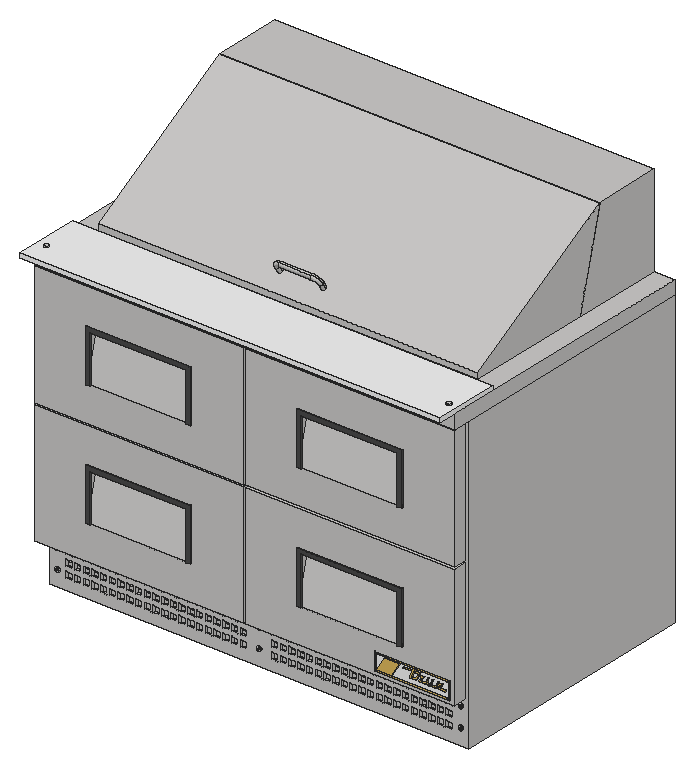
Revit family
Parameters
  Weight in Pounds = 0
  Watts = FL Amps * Volts  # 333.5 W
  Volts = 115 V
  URL Cutsheet = "www.truemfg.com"
  URL = "www.truemfg.com"
  Type Mark [instance] = ""
  Status [instance] = ""
  Specification by User [instance] = ""
  Specification by Manufacturer = ""
  Show Logo [instance] = yes
  Show Clearance [instance] = yes
  Serial Number = ""
  Seismic Rating = ""
  SMACNA No = ""
  Revision Code [instance] = ""
  Phase = 1
  Omniclass Number and Title = ""
  Number of Poles [instance] = 1
  NAFEM Spec ID Number = ""
  Model = "TFP-48-18M-D-4"
  Min Ckt Ampacity = 0 A
  Max Overcurrent Protection = 0 A
  Masterspec = ""
  Manufacturer = "TRUE FOOD SERVICE EQUIPMENT, INC."
  Item Number [instance] = ""
  Installed By [instance] = ""
  Identify Quantity as Lot [instance] = yes
  HP = "1/5"
  Furnished By [instance] = ""
  Foodservice Equipment Identifier [instance] = yes
  FL Amps = 2.9 A
  Electrical Remarks [instance] = ""
  Electric Connection Type [instance] = ""
  Elec Conn RI Height [instance] = 0"
  Elec Conn Connection Height [instance] = 0"
  Description = "Drawered Food Prep Unit"
  Cycle = 60 Hz
  Conn Plug = "5-15P"
  Conn Conduit = yes
  CSI MasterFormat = ""
  CSI Master Format = ""
  Apparent Power = if(Phase = 3, Volts * FL Amps * 1.73, Volts * FL Amps)  # 333.5 VA
Reference planes (in)
  plane 1 "BACK": y = -16.5
  plane 2: z = 0
  plane 3 "LEFT": x = 0
  plane 4 "RIGHT": x = 48.125
  plane 5 "FRONT": y = -50.03125
  plane 6 "TOP": z = 46.5
Forms (in)
  Extrusion 1, solid, material "QF_Finishes_Stainless Steel"
    sketch origin (8, -16, 0) x (1, 0, 0) y (0, 0, 1)
      loop
        line (-8, 0.75) -> (40.125, 0.75) -> (40.125, 6.05001) -> (-8, 6.05001) -> (-8, 0.75)
      loop
        line (-6.10691, 5.23339) -> (-6.10691, 4.48339) -> (-5.35691, 4.48339) -> (-5.35691, 5.23339) -> (-6.10691, 5.23339)
      loop
        line (-4.10691, 5.23339) -> (-4.10691, 4.48339) -> (-3.35691, 4.48339) -> (-3.35691, 5.23339) -> (-4.10691, 5.23339)
      loop
        line (-2.10691, 5.23339) -> (-2.10691, 4.48339) -> (-1.35691, 4.48339) -> (-1.35691, 5.23339) -> (-2.10691, 5.23339)
      loop
        line (-0.10691, 5.23339) -> (-0.10691, 4.48339) -> (0.64309, 4.48339) -> (0.64309, 5.23339) -> (-0.10691, 5.23339)
      loop
        line (1.89309, 5.23339) -> (1.89309, 4.48339) -> (2.64309, 4.48339) -> (2.64309, 5.23339) -> (1.89309, 5.23339)
      loop
        line (3.89309, 5.23339) -> (3.89309, 4.48339) -> (4.64309, 4.48339) -> (4.64309, 5.23339) -> (3.89309, 5.23339)
      loop
        line (5.89309, 5.23339) -> (5.89309, 4.48339) -> (6.64309, 4.48339) -> (6.64309, 5.23339) -> (5.89309, 5.23339)
      loop
        line (-6.10691, 3.98339) -> (-6.10691, 3.23339) -> (-5.35691, 3.23339) -> (-5.35691, 3.98339) -> (-6.10691, 3.98339)
      loop
        line (-4.10691, 3.98339) -> (-4.10691, 3.23339) -> (-3.35691, 3.23339) -> (-3.35691, 3.98339) -> (-4.10691, 3.98339)
      loop
        line (-2.10691, 3.98339) -> (-2.10691, 3.23339) -> (-1.35691, 3.23339) -> (-1.35691, 3.98339) -> (-2.10691, 3.98339)
      loop
        line (-0.10691, 3.98339) -> (-0.10691, 3.23339) -> (0.64309, 3.23339) -> (0.64309, 3.98339) -> (-0.10691, 3.98339)
      loop
        line (1.89309, 3.98339) -> (1.89309, 3.23339) -> (2.64309, 3.23339) -> (2.64309, 3.98339) -> (1.89309, 3.98339)
      loop
        line (3.89309, 3.98339) -> (3.89309, 3.23339) -> (4.64309, 3.23339) -> (4.64309, 3.98339) -> (3.89309, 3.98339)
      loop
        line (5.89309, 3.98339) -> (5.89309, 3.23339) -> (6.64309, 3.23339) -> (6.64309, 3.98339) -> (5.89309, 3.98339)
      loop
        line (-6.10691, 2.73339) -> (-6.10691, 1.98339) -> (-5.35691, 1.98339) -> (-5.35691, 2.73339) -> (-6.10691, 2.73339)
      loop
        line (-4.10691, 2.73339) -> (-4.10691, 1.98339) -> (-3.35691, 1.98339) -> (-3.35691, 2.73339) -> (-4.10691, 2.73339)
      loop
        line (-2.10691, 2.73339) -> (-2.10691, 1.98339) -> (-1.35691, 1.98339) -> (-1.35691, 2.73339) -> (-2.10691, 2.73339)
      loop
        line (-0.10691, 2.73339) -> (-0.10691, 1.98339) -> (0.64309, 1.98339) -> (0.64309, 2.73339) -> (-0.10691, 2.73339)
      loop
        line (1.89309, 2.73339) -> (1.89309, 1.98339) -> (2.64309, 1.98339) -> (2.64309, 2.73339) -> (1.89309, 2.73339)
      loop
        line (3.89309, 2.73339) -> (3.89309, 1.98339) -> (4.64309, 1.98339) -> (4.64309, 2.73339) -> (3.89309, 2.73339)
      loop
        line (5.89309, 2.73339) -> (5.89309, 1.98339) -> (6.64309, 1.98339) -> (6.64309, 2.73339) -> (5.89309, 2.73339)
      loop
        line (-5.10691, 5.23339) -> (-5.10691, 4.48339) -> (-4.35691, 4.48339) -> (-4.35691, 5.23339) -> (-5.10691, 5.23339)
      loop
        line (-5.10691, 3.98339) -> (-5.10691, 3.23339) -> (-4.35691, 3.23339) -> (-4.35691, 3.98339) -> (-5.10691, 3.98339)
      loop
        line (-5.10691, 2.73339) -> (-5.10691, 1.98339) -> (-4.35691, 1.98339) -> (-4.35691, 2.73339) -> (-5.10691, 2.73339)
      loop
        line (-3.10691, 5.23339) -> (-3.10691, 4.48339) -> (-2.35691, 4.48339) -> (-2.35691, 5.23339) -> (-3.10691, 5.23339)
      loop
        line (-3.10691, 3.98339) -> (-3.10691, 3.23339) -> (-2.35691, 3.23339) -> (-2.35691, 3.98339) -> (-3.10691, 3.98339)
      loop
        line (-3.10691, 2.73339) -> (-3.10691, 1.98339) -> (-2.35691, 1.98339) -> (-2.35691, 2.73339) -> (-3.10691, 2.73339)
      loop
        line (-1.10691, 5.23339) -> (-1.10691, 4.48339) -> (-0.35691, 4.48339) -> (-0.35691, 5.23339) -> (-1.10691, 5.23339)
      loop
        line (-1.10691, 3.98339) -> (-1.10691, 3.23339) -> (-0.35691, 3.23339) -> (-0.35691, 3.98339) -> (-1.10691, 3.98339)
      loop
        line (-1.10691, 2.73339) -> (-1.10691, 1.98339) -> (-0.35691, 1.98339) -> (-0.35691, 2.73339) -> (-1.10691, 2.73339)
      loop
        line (0.89309, 5.23339) -> (0.89309, 4.48339) -> (1.64309, 4.48339) -> (1.64309, 5.23339) -> (0.89309, 5.23339)
      loop
        line (0.89309, 3.98339) -> (0.89309, 3.23339) -> (1.64309, 3.23339) -> (1.64309, 3.98339) -> (0.89309, 3.98339)
      loop
        line (0.89309, 2.73339) -> (0.89309, 1.98339) -> (1.64309, 1.98339) -> (1.64309, 2.73339) -> (0.89309, 2.73339)
      loop
        line (2.89309, 5.23339) -> (2.89309, 4.48339) -> (3.64309, 4.48339) -> (3.64309, 5.23339) -> (2.89309, 5.23339)
      loop
        line (2.89309, 3.98339) -> (2.89309, 3.23339) -> (3.64309, 3.23339) -> (3.64309, 3.98339) -> (2.89309, 3.98339)
      loop
        line (2.89309, 2.73339) -> (2.89309, 1.98339) -> (3.64309, 1.98339) -> (3.64309, 2.73339) -> (2.89309, 2.73339)
      loop
        line (4.89309, 5.23339) -> (4.89309, 4.48339) -> (5.64309, 4.48339) -> (5.64309, 5.23339) -> (4.89309, 5.23339)
      loop
        line (4.89309, 3.98339) -> (4.89309, 3.23339) -> (5.64309, 3.23339) -> (5.64309, 3.98339) -> (4.89309, 3.98339)
      loop
        line (4.89309, 2.73339) -> (4.89309, 1.98339) -> (5.64309, 1.98339) -> (5.64309, 2.73339) -> (4.89309, 2.73339)
      loop
        line (7.89309, 5.23339) -> (7.89309, 4.48339) -> (8.64309, 4.48339) -> (8.64309, 5.23339) -> (7.89309, 5.23339)
      loop
        line (9.89309, 5.23339) -> (9.89309, 4.48339) -> (10.64309, 4.48339) -> (10.64309, 5.23339) -> (9.89309, 5.23339)
      loop
        line (11.89309, 5.23339) -> (11.89309, 4.48339) -> (12.64309, 4.48339) -> (12.64309, 5.23339) -> (11.89309, 5.23339)
      loop
        line (7.89309, 3.98339) -> (7.89309, 3.23339) -> (8.64309, 3.23339) -> (8.64309, 3.98339) -> (7.89309, 3.98339)
      loop
        line (9.89309, 3.98339) -> (9.89309, 3.23339) -> (10.64309, 3.23339) -> (10.64309, 3.98339) -> (9.89309, 3.98339)
      loop
        line (11.89309, 3.98339) -> (11.89309, 3.23339) -> (12.64309, 3.23339) -> (12.64309, 3.98339) -> (11.89309, 3.98339)
      loop
        line (7.89309, 2.73339) -> (7.89309, 1.98339) -> (8.64309, 1.98339) -> (8.64309, 2.73339) -> (7.89309, 2.73339)
      loop
        line (9.89309, 2.73339) -> (9.89309, 1.98339) -> (10.64309, 1.98339) -> (10.64309, 2.73339) -> (9.89309, 2.73339)
      loop
        line (11.89309, 2.73339) -> (11.89309, 1.98339) -> (12.64309, 1.98339) -> (12.64309, 2.73339) -> (11.89309, 2.73339)
      loop
        line (6.89309, 5.23339) -> (6.89309, 4.48339) -> (7.64309, 4.48339) -> (7.64309, 5.23339) -> (6.89309, 5.23339)
      loop
        line (6.89309, 3.98339) -> (6.89309, 3.23339) -> (7.64309, 3.23339) -> (7.64309, 3.98339) -> (6.89309, 3.98339)
      loop
        line (6.89309, 2.73339) -> (6.89309, 1.98339) -> (7.64309, 1.98339) -> (7.64309, 2.73339) -> (6.89309, 2.73339)
      loop
        line (8.89309, 5.23339) -> (8.89309, 4.48339) -> (9.64309, 4.48339) -> (9.64309, 5.23339) -> (8.89309, 5.23339)
      loop
        line (8.89309, 3.98339) -> (8.89309, 3.23339) -> (9.64309, 3.23339) -> (9.64309, 3.98339) -> (8.89309, 3.98339)
      loop
        line (8.89309, 2.73339) -> (8.89309, 1.98339) -> (9.64309, 1.98339) -> (9.64309, 2.73339) -> (8.89309, 2.73339)
      loop
        line (10.89309, 5.23339) -> (10.89309, 4.48339) -> (11.64309, 4.48339) -> (11.64309, 5.23339) -> (10.89309, 5.23339)
      loop
        line (10.89309, 3.98339) -> (10.89309, 3.23339) -> (11.64309, 3.23339) -> (11.64309, 3.98339) -> (10.89309, 3.98339)
      loop
        line (10.89309, 2.73339) -> (10.89309, 1.98339) -> (11.64309, 1.98339) -> (11.64309, 2.73339) -> (10.89309, 2.73339)
      loop
        line (13.89309, 5.23339) -> (13.89309, 4.48339) -> (14.64309, 4.48339) -> (14.64309, 5.23339) -> (13.89309, 5.23339)
      loop
        line (13.89309, 3.98339) -> (13.89309, 3.23339) -> (14.64309, 3.23339) -> (14.64309, 3.98339) -> (13.89309, 3.98339)
      loop
        line (13.89309, 2.73339) -> (13.89309, 1.98339) -> (14.64309, 1.98339) -> (14.64309, 2.73339) -> (13.89309, 2.73339)
      loop
        line (12.89309, 5.23339) -> (12.89309, 4.48339) -> (13.64309, 4.48339) -> (13.64309, 5.23339) -> (12.89309, 5.23339)
      loop
        line (12.89309, 3.98339) -> (12.89309, 3.23339) -> (13.64309, 3.23339) -> (13.64309, 3.98339) -> (12.89309, 3.98339)
      loop
        line (12.89309, 2.73339) -> (12.89309, 1.98339) -> (13.64309, 1.98339) -> (13.64309, 2.73339) -> (12.89309, 2.73339)
      loop
        line (38.23191, 5.23339) -> (37.48191, 5.23339) -> (37.48191, 4.48339) -> (38.23191, 4.48339) -> (38.23191, 5.23339)
      loop
        line (36.23191, 5.23339) -> (35.48191, 5.23339) -> (35.48191, 4.48339) -> (36.23191, 4.48339) -> (36.23191, 5.23339)
      loop
        line (34.23191, 5.23339) -> (33.48191, 5.23339) -> (33.48191, 4.48339) -> (34.23191, 4.48339) -> (34.23191, 5.23339)
      loop
        line (32.23191, 5.23339) -> (31.48191, 5.23339) -> (31.48191, 4.48339) -> (32.23191, 4.48339) -> (32.23191, 5.23339)
      loop
        line (30.23191, 5.23339) -> (29.48191, 5.23339) -> (29.48191, 4.48339) -> (30.23191, 4.48339) -> (30.23191, 5.23339)
      loop
        line (28.23191, 5.23339) -> (27.48191, 5.23339) -> (27.48191, 4.48339) -> (28.23191, 4.48339) -> (28.23191, 5.23339)
      loop
        line (26.23191, 5.23339) -> (25.48191, 5.23339) -> (25.48191, 4.48339) -> (26.23191, 4.48339) -> (26.23191, 5.23339)
      loop
        line (38.23191, 3.98339) -> (37.48191, 3.98339) -> (37.48191, 3.23339) -> (38.23191, 3.23339) -> (38.23191, 3.98339)
      loop
        line (36.23191, 3.98339) -> (35.48191, 3.98339) -> (35.48191, 3.23339) -> (36.23191, 3.23339) -> (36.23191, 3.98339)
      loop
        line (34.23191, 3.98339) -> (33.48191, 3.98339) -> (33.48191, 3.23339) -> (34.23191, 3.23339) -> (34.23191, 3.98339)
      loop
        line (32.23191, 3.98339) -> (31.48191, 3.98339) -> (31.48191, 3.23339) -> (32.23191, 3.23339) -> (32.23191, 3.98339)
      loop
        line (30.23191, 3.98339) -> (29.48191, 3.98339) -> (29.48191, 3.23339) -> (30.23191, 3.23339) -> (30.23191, 3.98339)
      loop
        line (28.23191, 3.98339) -> (27.48191, 3.98339) -> (27.48191, 3.23339) -> (28.23191, 3.23339) -> (28.23191, 3.98339)
      loop
        line (26.23191, 3.98339) -> (25.48191, 3.98339) -> (25.48191, 3.23339) -> (26.23191, 3.23339) -> (26.23191, 3.98339)
      loop
        line (38.23191, 2.73339) -> (37.48191, 2.73339) -> (37.48191, 1.98339) -> (38.23191, 1.98339) -> (38.23191, 2.73339)
      loop
        line (36.23191, 2.73339) -> (35.48191, 2.73339) -> (35.48191, 1.98339) -> (36.23191, 1.98339) -> (36.23191, 2.73339)
      loop
        line (34.23191, 2.73339) -> (33.48191, 2.73339) -> (33.48191, 1.98339) -> (34.23191, 1.98339) -> (34.23191, 2.73339)
      loop
        line (32.23191, 2.73339) -> (31.48191, 2.73339) -> (31.48191, 1.98339) -> (32.23191, 1.98339) -> (32.23191, 2.73339)
      loop
        line (30.23191, 2.73339) -> (29.48191, 2.73339) -> (29.48191, 1.98339) -> (30.23191, 1.98339) -> (30.23191, 2.73339)
      loop
        line (28.23191, 2.73339) -> (27.48191, 2.73339) -> (27.48191, 1.98339) -> (28.23191, 1.98339) -> (28.23191, 2.73339)
      loop
        line (26.23191, 2.73339) -> (25.48191, 2.73339) -> (25.48191, 1.98339) -> (26.23191, 1.98339) -> (26.23191, 2.73339)
      loop
        line (37.23191, 5.23339) -> (36.48191, 5.23339) -> (36.48191, 4.48339) -> (37.23191, 4.48339) -> (37.23191, 5.23339)
      loop
        line (37.23191, 3.98339) -> (36.48191, 3.98339) -> (36.48191, 3.23339) -> (37.23191, 3.23339) -> (37.23191, 3.98339)
      loop
        line (37.23191, 2.73339) -> (36.48191, 2.73339) -> (36.48191, 1.98339) -> (37.23191, 1.98339) -> (37.23191, 2.73339)
      loop
        line (35.23191, 5.23339) -> (34.48191, 5.23339) -> (34.48191, 4.48339) -> (35.23191, 4.48339) -> (35.23191, 5.23339)
      loop
        line (35.23191, 3.98339) -> (34.48191, 3.98339) -> (34.48191, 3.23339) -> (35.23191, 3.23339) -> (35.23191, 3.98339)
      loop
        line (35.23191, 2.73339) -> (34.48191, 2.73339) -> (34.48191, 1.98339) -> (35.23191, 1.98339) -> (35.23191, 2.73339)
      loop
        line (33.23191, 5.23339) -> (32.48191, 5.23339) -> (32.48191, 4.48339) -> (33.23191, 4.48339) -> (33.23191, 5.23339)
      loop
        line (33.23191, 3.98339) -> (32.48191, 3.98339) -> (32.48191, 3.23339) -> (33.23191, 3.23339) -> (33.23191, 3.98339)
      loop
        line (33.23191, 2.73339) -> (32.48191, 2.73339) -> (32.48191, 1.98339) -> (33.23191, 1.98339) -> (33.23191, 2.73339)
      loop
        line (31.23191, 5.23339) -> (30.48191, 5.23339) -> (30.48191, 4.48339) -> (31.23191, 4.48339) -> (31.23191, 5.23339)
      loop
        line (31.23191, 3.98339) -> (30.48191, 3.98339) -> (30.48191, 3.23339) -> (31.23191, 3.23339) -> (31.23191, 3.98339)
      loop
        line (31.23191, 2.73339) -> (30.48191, 2.73339) -> (30.48191, 1.98339) -> (31.23191, 1.98339) -> (31.23191, 2.73339)
      loop
        line (29.23191, 5.23339) -> (28.48191, 5.23339) -> (28.48191, 4.48339) -> (29.23191, 4.48339) -> (29.23191, 5.23339)
      loop
        line (29.23191, 3.98339) -> (28.48191, 3.98339) -> (28.48191, 3.23339) -> (29.23191, 3.23339) -> (29.23191, 3.98339)
      loop
        line (29.23191, 2.73339) -> (28.48191, 2.73339) -> (28.48191, 1.98339) -> (29.23191, 1.98339) -> (29.23191, 2.73339)
      loop
        line (27.23191, 5.23339) -> (26.48191, 5.23339) -> (26.48191, 4.48339) -> (27.23191, 4.48339) -> (27.23191, 5.23339)
      loop
        line (27.23191, 3.98339) -> (26.48191, 3.98339) -> (26.48191, 3.23339) -> (27.23191, 3.23339) -> (27.23191, 3.98339)
      loop
        line (27.23191, 2.73339) -> (26.48191, 2.73339) -> (26.48191, 1.98339) -> (27.23191, 1.98339) -> (27.23191, 2.73339)
      loop
        line (24.23191, 5.23339) -> (23.48191, 5.23339) -> (23.48191, 4.48339) -> (24.23191, 4.48339) -> (24.23191, 5.23339)
      loop
        line (22.23191, 5.23339) -> (21.48191, 5.23339) -> (21.48191, 4.48339) -> (22.23191, 4.48339) -> (22.23191, 5.23339)
      loop
        line (20.23191, 5.23339) -> (19.48191, 5.23339) -> (19.48191, 4.48339) -> (20.23191, 4.48339) -> (20.23191, 5.23339)
      loop
        line (24.23191, 3.98339) -> (23.48191, 3.98339) -> (23.48191, 3.23339) -> (24.23191, 3.23339) -> (24.23191, 3.98339)
      loop
        line (22.23191, 3.98339) -> (21.48191, 3.98339) -> (21.48191, 3.23339) -> (22.23191, 3.23339) -> (22.23191, 3.98339)
      loop
        line (20.23191, 3.98339) -> (19.48191, 3.98339) -> (19.48191, 3.23339) -> (20.23191, 3.23339) -> (20.23191, 3.98339)
      loop
        line (24.23191, 2.73339) -> (23.48191, 2.73339) -> (23.48191, 1.98339) -> (24.23191, 1.98339) -> (24.23191, 2.73339)
      loop
        line (22.23191, 2.73339) -> (21.48191, 2.73339) -> (21.48191, 1.98339) -> (22.23191, 1.98339) -> (22.23191, 2.73339)
      loop
        line (20.23191, 2.73339) -> (19.48191, 2.73339) -> (19.48191, 1.98339) -> (20.23191, 1.98339) -> (20.23191, 2.73339)
      loop
        line (25.23191, 5.23339) -> (24.48191, 5.23339) -> (24.48191, 4.48339) -> (25.23191, 4.48339) -> (25.23191, 5.23339)
      loop
        line (25.23191, 3.98339) -> (24.48191, 3.98339) -> (24.48191, 3.23339) -> (25.23191, 3.23339) -> (25.23191, 3.98339)
      loop
        line (25.23191, 2.73339) -> (24.48191, 2.73339) -> (24.48191, 1.98339) -> (25.23191, 1.98339) -> (25.23191, 2.73339)
      loop
        line (23.23191, 5.23339) -> (22.48191, 5.23339) -> (22.48191, 4.48339) -> (23.23191, 4.48339) -> (23.23191, 5.23339)
      loop
        line (23.23191, 3.98339) -> (22.48191, 3.98339) -> (22.48191, 3.23339) -> (23.23191, 3.23339) -> (23.23191, 3.98339)
      loop
        line (23.23191, 2.73339) -> (22.48191, 2.73339) -> (22.48191, 1.98339) -> (23.23191, 1.98339) -> (23.23191, 2.73339)
      loop
        line (21.23191, 5.23339) -> (20.48191, 5.23339) -> (20.48191, 4.48339) -> (21.23191, 4.48339) -> (21.23191, 5.23339)
      loop
        line (21.23191, 3.98339) -> (20.48191, 3.98339) -> (20.48191, 3.23339) -> (21.23191, 3.23339) -> (21.23191, 3.98339)
      loop
        line (21.23191, 2.73339) -> (20.48191, 2.73339) -> (20.48191, 1.98339) -> (21.23191, 1.98339) -> (21.23191, 2.73339)
      loop
        line (18.23191, 5.23339) -> (17.48191, 5.23339) -> (17.48191, 4.48339) -> (18.23191, 4.48339) -> (18.23191, 5.23339)
      loop
        line (18.23191, 3.98339) -> (17.48191, 3.98339) -> (17.48191, 3.23339) -> (18.23191, 3.23339) -> (18.23191, 3.98339)
      loop
        line (18.23191, 2.73339) -> (17.48191, 2.73339) -> (17.48191, 1.98339) -> (18.23191, 1.98339) -> (18.23191, 2.73339)
      loop
        line (19.23191, 5.23339) -> (18.48191, 5.23339) -> (18.48191, 4.48339) -> (19.23191, 4.48339) -> (19.23191, 5.23339)
      loop
        line (19.23191, 3.98339) -> (18.48191, 3.98339) -> (18.48191, 3.23339) -> (19.23191, 3.23339) -> (19.23191, 3.98339)
      loop
        line (19.23191, 2.73339) -> (18.48191, 2.73339) -> (18.48191, 1.98339) -> (19.23191, 1.98339) -> (19.23191, 2.73339)
    from 29.62 to 29.87
  Extrusion 2, solid, material "QF_Finishes_Stainless Steel"
    sketch origin (0.125, 0, 0) x (0, 1, 0) y (0, 0, 1)
      loop
        line (-16.5, 36) -> (-16.5, 46.5) -> (-24.34375, 46.5) -> (-27.1875, 36) -> (-16.5, 36)
    from 2.1875 to 45.6875
  Extrusion 3, solid, material "QF_Finishes_Stainless Steel"
    sketch origin (0, 0, 0) x (0, 1, 0) y (0, 0, 1)
      loop
        line (-27.1875, 36) -> (-24.34375, 46.5) -> (-41.71875, 36.68893) -> (-41.71875, 36) -> (-27.1875, 36)
    from 2.3125 to 45.8125
  Extrusion 4, solid, material "QF_Finishes_Stainless Steel"
    sketch origin (0, 0, 0) x (0, 1, 0) y (0, 0, 1)
      loop
        line (-48, 36) -> (-48, 34.40823) -> (-16.5, 34.40823) -> (-16.5, 36) -> (-48, 36)
    from 0 to 48.125
  Extrusion 5, solid, material "QF_Finishes_Stainless Steel"
    sketch origin (0, 0, 0) x (0, 1, 0) y (0, 0, 1)
      loop
        line (-45.87, 34.40823) -> (-45.87, 6.04042) -> (-16.96875, 6.04042) -> (-16.96875, 3.25) -> (-45.12, 3.25) -> (-45.12, 1) -> (-45.62, 1) -> (-45.62, 0.75) -> (-44.87, 0.75) -> (-44.87, 3) -> (-16.96875, 3) -> (-16.96875, 0.75) -> (-16.5, 0.75) -> (-16.5, 34.40823) -> (-45.87, 34.40823)
    from 0 to 48.125
  Extrusion 6, solid, material "QF_Finishes_Stainless Steel"
    sketch origin (0, -16.5, 0) x (1, 0, 0) y (0, 0, 1)
      loop
        line (0, 0.75) -> (0.53645, 0.75) -> (0.53645, 6.04042) -> (0, 6.04042) -> (0, 0.75)
      loop
        line (48.125, 0.75) -> (48.125, 6.04042) -> (47.58855, 6.04042) -> (47.58855, 0.75) -> (48.125, 0.75)
    from 0 to 29.12
  Extrusion 7, solid, material "QF_Finishes_Stainless Steel"
    sketch origin (0, -15, 0) x (1, 0, 0) y (0, 0, 1)
      loop
        line (0, 6.04042) -> (23.9375, 6.04042) -> (23.9375, 20.03323) -> (0, 20.03323) -> (0, 6.04042)
      loop
        line (23.9375, 34.28323) -> (0, 34.28323) -> (0, 20.28323) -> (23.9375, 20.28323) -> (23.9375, 34.28323)
      loop
        line (5.96875, 24.28323) -> (17.96875, 24.28323) -> (17.96875, 30.28323) -> (5.96875, 30.28323) -> (5.96875, 24.28323)
      loop
        line (5.96875, 10.04042) -> (17.96875, 10.04042) -> (17.96875, 16.04042) -> (5.96875, 16.04042) -> (5.96875, 10.04042)
      loop
        line (48.125, 6.04042) -> (48.125, 20.03323) -> (24.1875, 20.03323) -> (24.1875, 6.04042) -> (48.125, 6.04042)
      loop
        line (24.1875, 34.28323) -> (24.1875, 20.28323) -> (48.125, 20.28323) -> (48.125, 34.28323) -> (24.1875, 34.28323)
      loop
        line (42.15625, 24.28323) -> (42.15625, 30.28323) -> (30.15625, 30.28323) -> (30.15625, 24.28323) -> (42.15625, 24.28323)
      loop
        line (42.15625, 10.04042) -> (42.15625, 16.04042) -> (30.15625, 16.04042) -> (30.15625, 10.04042) -> (42.15625, 10.04042)
    from 31.44201 to 33
  Extrusion 8, solid, material "QF_Finishes_Black"
    sketch origin (0, 1.5, 0) x (0, 1, 0) y (0, 0, 1)
      loop
        line (-47.94201, 33.8406) -> (-47.94201, 20.62458) -> (-47.37, 20.62458) -> (-47.37, 33.8406) -> (-47.94201, 33.8406)
      loop
        line (-47.94201, 19.61128) -> (-47.94201, 6.82675) -> (-47.37, 6.82675) -> (-47.37, 19.61128) -> (-47.94201, 19.61128)
    from 0.53645 to 23.40105
  Extrusion 9, solid, material "QF_Finishes_Stainless Steel"
    sketch origin (-3.46875, 1.5, 0) x (0, 1, 0) y (0, 0, 1)
      loop
        line (-47.94201, 16.04042) -> (-49.5, 10.04042) -> (-47.94201, 10.04042) -> (-47.94201, 16.04042)
      loop
        line (-47.94201, 30.28323) -> (-49.5, 24.28323) -> (-47.94201, 24.28323) -> (-47.94201, 30.28323)
    from 9.4375 to 21.4375
  Extrusion 10, solid, material "QF_Finishes_Black"
    sketch origin (-3.46875, -48, 0) x (1, 0, 0) y (0, 0, 1)
      loop
        line (21.4375, 16.04042) -> (9.4375, 16.04042) -> (9.4375, 10.04042) -> (9.9375, 10.04042) -> (9.9375, 15.54042) -> (20.9375, 15.54042) -> (20.9375, 10.04042) -> (21.4375, 10.04042) -> (21.4375, 16.04042)
      loop
        line (21.4375, 30.28323) -> (9.4375, 30.28323) -> (9.4375, 24.28323) -> (9.9375, 24.28323) -> (9.9375, 29.78323) -> (20.9375, 29.78323) -> (20.9375, 24.28323) -> (21.4375, 24.28323) -> (21.4375, 30.28323)
      loop
        line (33.625, 16.04042) -> (33.625, 10.04042) -> (34.125, 10.04042) -> (34.125, 15.54042) -> (45.125, 15.54042) -> (45.125, 10.04042) -> (45.625, 10.04042) -> (45.625, 16.04042) -> (33.625, 16.04042)
      loop
        line (33.625, 30.28323) -> (33.625, 24.28323) -> (34.125, 24.28323) -> (34.125, 29.78323) -> (45.125, 29.78323) -> (45.125, 24.28323) -> (45.625, 24.28323) -> (45.625, 30.28323) -> (33.625, 30.28323)
    from 0 to 0.125
  Extrusion 11, solid, material "QF_Finishes_White"
    sketch origin (0, 0, 0) x (0, 1, 0) y (0, 0, 1)
      loop
        line (-50.03125, 36.5) -> (-50.03125, 36) -> (-42.53125, 36) -> (-42.53125, 36.5) -> (-50.03125, 36.5)
    from 0 to 48.125
  Sweep 12, solid, material "QF_Finishes_Stainless Steel"
    path origin (7.87857, -19.52146, 7.92906) x (1, 0, 0) y (0, -0.560766, 0.827974)
      loop
        line (18.42574, 36.0969) -> (18.42574, 36.8469)
        arc (18.42574, 36.8469) -> (18.29892, 37.15309) -> (17.99273, 37.27992) r 0.43301
        line (17.99273, 37.27992) -> (14.37051, 37.27992)
        arc (14.37051, 37.27992) -> (14.06433, 37.15309) -> (13.9375, 36.8469) r 0.43301
        line (13.9375, 36.8469) -> (13.9375, 36.0969)
    profile origin (21.81607, -39.97367, 38.12686) x (1, 0, 0) y (0, -0.827974, -0.560766)
      loop
        circle (-0.25, 0) r 0.25
  Extrusion 13, solid, material "QF_Finishes_Handrails and Railings"
    sketch origin (0.3125, -45.87, 0) x (1, 0, 0) y (0, 0, 1)
      loop
        circle (0.625, 4.80001) r 0.25
      loop
        circle (0.625, 2.55001) r 0.25
      loop
        line (0.60938, 4.93254) -> (0.60938, 4.81564) -> (0.49788, 4.81564) -> (0.49788, 4.78439) -> (0.60938, 4.78439) -> (0.60937, 4.66749) -> (0.64062, 4.66749) -> (0.64063, 4.78439) -> (0.75212, 4.78439) -> (0.75212, 4.81564) -> (0.64063, 4.81564) -> (0.64063, 4.93254) -> (0.60938, 4.93254)
      loop
        line (0.60937, 2.68254) -> (0.60937, 2.56564) -> (0.49788, 2.56564) -> (0.49788, 2.53439) -> (0.60937, 2.53439) -> (0.60937, 2.41749) -> (0.64062, 2.41749) -> (0.64062, 2.53439) -> (0.75212, 2.53439) -> (0.75212, 2.56564) -> (0.64062, 2.56564) -> (0.64062, 2.68254) -> (0.60937, 2.68254)
    from 0 to 0.0625
  Extrusion 14, solid, material "QF_Finishes_Satin - Goldenrod", visible <- "Show Logo"
    sketch origin (38.1543, -13.23203, -22.99575) x (1, 0, 0) y (0, 0, 1)
      loop
        line (4.18351, 31.09206) -> (4.10478, 30.92323) -> (5.15208, 30.92323)
        arc (5.15208, 30.92323) -> (5.17333, 30.88564) -> (5.15208, 30.84805) r 0.04386
        line (5.15208, 30.84805) -> (4.87892, 30.26228)
        arc (4.87892, 30.26228) -> (4.87656, 30.20802) -> (4.91325, 30.16798) r 0.07096
        line (4.91325, 30.16798) -> (5.5829, 30.16798)
        arc (5.5829, 30.16798) -> (5.66746, 30.19464) -> (5.72144, 30.26498) r 0.14742
        line (5.72144, 30.26498) -> (5.9364, 30.72597) -> (6.1339, 30.72597)
        arc (6.1339, 30.72597) -> (6.18572, 30.70692) -> (6.17822, 30.65222) r 0.04405
        line (6.17822, 30.65222) -> (5.99835, 30.26649)
        arc (5.99835, 30.26649) -> (6.00115, 30.20243) -> (6.05523, 30.16798) r 0.06943
        line (6.05523, 30.16798) -> (6.64365, 30.16798)
        arc (6.64365, 30.16798) -> (6.68873, 30.18439) -> (6.71272, 30.22594) r 0.07014
        arc (6.71272, 30.22594) -> (6.7297, 30.18495) -> (6.77068, 30.16798) r 0.05796
        line (6.77068, 30.16798) -> (7.14325, 30.16798)
        arc (7.14325, 30.16798) -> (7.18629, 30.17951) -> (7.2178, 30.21102) r 0.08608
        arc (7.2178, 30.21102) -> (7.23289, 30.1746) -> (7.26931, 30.15952) r 0.0515
        line (7.26931, 30.15952) -> (7.79882, 30.15952)
        arc (7.79882, 30.15952) -> (7.84211, 30.17745) -> (7.86005, 30.22074) r 0.06122
        arc (7.86005, 30.22074) -> (7.89973, 30.18105) -> (7.95394, 30.16653) r 0.10842
        line (7.95394, 30.16653) -> (8.94586, 30.16653) -> (9.05604, 30.35737) -> (8.05555, 30.35737)
        arc (8.05555, 30.35737) -> (8.02794, 30.37652) -> (8.02691, 30.41011) r 0.03732
        line (8.02691, 30.41011) -> (8.04422, 30.44722)
        arc (8.04422, 30.44722) -> (8.07079, 30.48203) -> (8.11255, 30.49524) r 0.07263
        line (8.11255, 30.49524) -> (8.43414, 30.49524)
        arc (8.43414, 30.49524) -> (8.50355, 30.51383) -> (8.55436, 30.56465) r 0.13882
        line (8.55436, 30.56465) -> (8.6475, 30.72597)
        arc (8.6475, 30.72597) -> (8.6475, 30.81208) -> (8.57293, 30.85513) r 0.08611
        line (8.57293, 30.85513) -> (8.23352, 30.85513)
        arc (8.23352, 30.85513) -> (8.14699, 30.84044) -> (8.08663, 30.77673) r 0.13863
        line (8.08663, 30.77673) -> (7.92534, 30.43083)
        arc (7.92534, 30.43083) -> (7.87774, 30.3688) -> (7.80316, 30.34528) r 0.13002
        line (7.80316, 30.34528) -> (7.45109, 30.34528)
        arc (7.45109, 30.34528) -> (7.40895, 30.39128) -> (7.41167, 30.4536) r 0.08151
        line (7.41167, 30.4536) -> (7.59891, 30.85513) -> (7.47974, 30.85513) -> (7.28137, 30.42972)
        arc (7.28137, 30.42972) -> (7.24283, 30.37949) -> (7.18244, 30.36046) r 0.10527
        line (7.18244, 30.36046) -> (6.93967, 30.36046)
        arc (6.93967, 30.36046) -> (6.89865, 30.41392) -> (6.90744, 30.48073) r 0.08805
        line (6.90744, 30.48073) -> (7.08203, 30.85513) -> (6.95897, 30.85513) -> (6.75801, 30.42418)
        arc (6.75801, 30.42418) -> (6.71136, 30.37753) -> (6.64764, 30.36046) r 0.12745
        line (6.64764, 30.36046) -> (6.29609, 30.36046)
        arc (6.29609, 30.36046) -> (6.23295, 30.3899) -> (6.22688, 30.4593) r 0.06967
        line (6.22688, 30.4593) -> (6.34243, 30.70711) -> (6.50577, 30.70711)
        arc (6.50577, 30.70711) -> (6.53334, 30.79018) -> (6.592, 30.85513) r 0.21289
        line (6.592, 30.85513) -> (5.95369, 30.85513)
        arc (5.95369, 30.85513) -> (5.88276, 30.83941) -> (5.83367, 30.78584) r 0.12081
        line (5.83367, 30.78584) -> (5.66065, 30.4148)
        arc (5.66065, 30.4148) -> (5.62087, 30.37502) -> (5.56653, 30.36046) r 0.10869
        line (5.56653, 30.36046) -> (5.18545, 30.36046)
        arc (5.18545, 30.36046) -> (5.15571, 30.40065) -> (5.16137, 30.45033) r 0.06822
        line (5.16137, 30.45033) -> (5.41281, 30.92323) -> (6.04721, 30.92323) -> (6.12594, 31.09206) -> (5.49154, 31.09206) -> (5.57027, 31.2609) -> (5.34459, 31.2609) -> (5.26586, 31.09206) -> (4.18351, 31.09206)
      loop
        arc (8.19062, 30.70184) -> (8.16316, 30.69448) -> (8.14305, 30.67438) r 0.05494
        line (8.14305, 30.67438) -> (8.12672, 30.62415)
        arc (8.12672, 30.62415) -> (8.13429, 30.60587) -> (8.15258, 30.59829) r 0.02586
        line (8.15258, 30.59829) -> (8.43014, 30.59829)
        arc (8.43014, 30.59829) -> (8.45013, 30.60273) -> (8.46638, 30.6152) r 0.04731
        line (8.46638, 30.6152) -> (8.47988, 30.6777)
        arc (8.47988, 30.6777) -> (8.47591, 30.69443) -> (8.46039, 30.70184) r 0.01994
        line (8.46039, 30.70184) -> (8.19062, 30.70184)
      loop
        line (1.13539, 29.6475) -> (2.84485, 29.6475) -> (3.77016, 31.25018) -> (2.0607, 31.25018) -> (1.13539, 29.6475)
    from 34.76797 to 34.83173
  Extrusion 15, solid, material "QF_Finishes_White", visible <- "Show Logo"
    sketch origin (-26.3478, -13.25, -25.84035) x (1, 0, 0) y (0, 0, 1)
      loop
        line (73.84232, 34.15728) -> (65.51732, 34.15728) -> (65.51732, 32.4296) -> (73.84232, 32.4296) -> (73.84232, 34.15728)
    from 34.75 to 34.76797
  Extrusion 16, solid, material "QF_Finishes_Satin - Goldenrod", visible <- "Show Logo"
    sketch origin (-26.3478, -13.25, -25.84035) x (1, 0, 0) y (0, 0, 1)
      loop
        line (73.97982, 34.29477) -> (65.37982, 34.29477) -> (65.37982, 32.2921) -> (73.97982, 32.2921) -> (73.97982, 34.29477)
      loop
        line (65.51732, 34.15728) -> (65.51732, 32.4296) -> (73.84232, 32.4296) -> (73.84232, 34.15728) -> (65.51732, 34.15728)
    from 34.75 to 34.80335
  Revolve 17, solid, material "QF_Finishes_Black"
    sketch origin (1.76401, -42.04829, 0.25) x (1, 0, 0) y (0, 0, 1)
      loop
        line (2.62908, 2.14592) -> (2.525, 2.25) -> (1.475, 2.25) -> (1.375, 2.15) -> (1.375, 1.10871) -> (1.05969, 1.10871) -> (1.05969, 1) -> (2.94031, 1) -> (2.94031, 1.10871) -> (2.62908, 1.10871) -> (2.62908, 2.14592)
      axis (2.94031, 1) -> (1.05969, 1)
    angle from 0 to 360
  Revolve 18, solid, material "QF_Finishes_Chrome - Satin"
    sketch origin (1.76605, -42.79776, -2.97972) x (1, 0, 0) y (0, 0, 1)
      loop
        line (2, 5.74546) -> (2, 5.97972) -> (0.70293, 5.97972) -> (0.70293, 5.74546) -> (2, 5.74546)
      axis (2, 5.74546) -> (2, 5.97972)
    angle from 0 to 360
  Extrusion 19, solid, material "QF_Finishes_Handrails and Railings"
    sketch origin (-46.0152, -14.33096, -2.47972) x (0, 1, 0) y (0, 0, 1)
      loop
        line (-29.85761, 5.24546) -> (-29.85761, 5.04886) -> (-27.1095, 5.04886) -> (-27.1095, 5.24546) -> (-29.85761, 5.24546)
    from 49.10625 to 50.45625
  Extrusion 20, solid, material "QF_Finishes_Handrails and Railings"
    sketch origin (1.76605, -12.67471, -2.21999) x (0, 1, 0) y (0, 0, 1)
      loop
        line (-31.51386, 4.98574) -> (-31.51386, 4.78914) -> (-31.17057, 4.78914) -> (-29.89421, 3.10275)
        arc (-29.89421, 3.10275) -> (-29.21858, 2.8289) -> (-28.76575, 3.40024) r 0.60806
        line (-28.76575, 3.40024) -> (-28.76575, 4.98574) -> (-31.51386, 4.98574)
    from 1.175 to 1.325
  Extrusion 21, solid, material "QF_Finishes_Handrails and Railings"
    sketch origin (5.76605, -12.67471, -2.21999) x (0, 1, 0) y (0, 0, -1)
      loop
        line (-31.51386, -4.98574) -> (-28.76575, -4.98574) -> (-28.76575, -3.40024)
        arc (-28.76575, -3.40024) -> (-29.21858, -2.8289) -> (-29.89421, -3.10275) r 0.60806
        line (-29.89421, -3.10275) -> (-31.17057, -4.78914) -> (-31.51386, -4.78914) -> (-31.51386, -4.98574)
    from 1.175 to 1.325
  Revolve 22, solid, material "QF_Finishes_Black"
    sketch origin (1.76401, -18.86079, 0.25) x (1, 0, 0) y (0, 0, 1)
      loop
        line (2.62908, 2.14592) -> (2.525, 2.25) -> (1.475, 2.25) -> (1.375, 2.15) -> (1.375, 1.10871) -> (1.05969, 1.10871) -> (1.05969, 1) -> (2.94031, 1) -> (2.94031, 1.10871) -> (2.62908, 1.10871) -> (2.62908, 2.14592)
      axis (2.94031, 1) -> (1.05969, 1)
    angle from 0 to 360
  Revolve 23, solid, material "QF_Finishes_Chrome - Satin"
    sketch origin (1.76605, -19.61026, -2.97972) x (1, 0, 0) y (0, 0, 1)
      loop
        line (2, 5.74546) -> (2, 5.97972) -> (0.70293, 5.97972) -> (0.70293, 5.74546) -> (2, 5.74546)
      axis (2, 5.74546) -> (2, 5.97972)
    angle from 0 to 360
  Extrusion 24, solid, material "QF_Finishes_Handrails and Railings"
    sketch origin (-46.0152, 8.85654, -2.47972) x (0, 1, 0) y (0, 0, 1)
      loop
        line (-29.85761, 5.24546) -> (-29.85761, 5.04886) -> (-27.1095, 5.04886) -> (-27.1095, 5.24546) -> (-29.85761, 5.24546)
    from 49.10625 to 50.45625
  Extrusion 25, solid, material "QF_Finishes_Handrails and Railings"
    sketch origin (1.76605, 10.51279, -2.21999) x (0, 1, 0) y (0, 0, 1)
      loop
        line (-31.51386, 4.98574) -> (-31.51386, 4.78914) -> (-31.17057, 4.78914) -> (-29.89421, 3.10275)
        arc (-29.89421, 3.10275) -> (-29.21858, 2.8289) -> (-28.76575, 3.40024) r 0.60806
        line (-28.76575, 3.40024) -> (-28.76575, 4.98574) -> (-31.51386, 4.98574)
    from 1.175 to 1.325
  Extrusion 26, solid, material "QF_Finishes_Handrails and Railings"
    sketch origin (5.76605, 10.51279, -2.21999) x (0, 1, 0) y (0, 0, -1)
      loop
        line (-31.51386, -4.98574) -> (-28.76575, -4.98574) -> (-28.76575, -3.40024)
        arc (-28.76575, -3.40024) -> (-29.21858, -2.8289) -> (-29.89421, -3.10275) r 0.60806
        line (-29.89421, -3.10275) -> (-31.17057, -4.78914) -> (-31.51386, -4.78914) -> (-31.51386, -4.98574)
    from 1.175 to 1.325
  Revolve 27, solid, material "QF_Finishes_Black"
    sketch origin (46.36099, -42.04829, 0.25) x (-1, 0, 0) y (0, 0, -1)
      loop
        line (2.62908, -2.14592) -> (2.62908, -1.10871) -> (2.94031, -1.10871) -> (2.94031, -1) -> (1.05969, -1) -> (1.05969, -1.10871) -> (1.375, -1.10871) -> (1.375, -2.15) -> (1.475, -2.25) -> (2.525, -2.25) -> (2.62908, -2.14592)
      axis (2.94031, -1) -> (1.05969, -1)
    angle from 0 to 360
  Revolve 28, solid, material "QF_Finishes_Chrome - Satin"
    sketch origin (46.35895, -42.79776, -2.97972) x (-1, 0, 0) y (0, 0, -1)
      loop
        line (2, -5.74546) -> (0.70293, -5.74546) -> (0.70293, -5.97972) -> (2, -5.97972) -> (2, -5.74546)
      axis (2, -5.74546) -> (2, -5.97972)
    angle from 0 to 360
  Extrusion 29, solid, material "QF_Finishes_Handrails and Railings"
    sketch origin (94.1402, -14.33096, -2.47972) x (0, 1, 0) y (0, 0, -1)
      loop
        line (-29.85761, -5.24546) -> (-27.1095, -5.24546) -> (-27.1095, -5.04886) -> (-29.85761, -5.04886) -> (-29.85761, -5.24546)
    from 49.10625 to 50.45625
  Extrusion 30, solid, material "QF_Finishes_Handrails and Railings"
    sketch origin (46.35895, -12.67471, -2.21999) x (0, 1, 0) y (0, 0, -1)
      loop
        line (-31.51386, -4.98574) -> (-28.76575, -4.98574) -> (-28.76575, -3.40024)
        arc (-28.76575, -3.40024) -> (-29.21858, -2.8289) -> (-29.89421, -3.10275) r 0.60806
        line (-29.89421, -3.10275) -> (-31.17057, -4.78914) -> (-31.51386, -4.78914) -> (-31.51386, -4.98574)
    from 1.175 to 1.325
  Extrusion 31, solid, material "QF_Finishes_Handrails and Railings"
    sketch origin (42.35895, -12.67471, -2.21999) x (0, 1, 0) y (0, 0, 1)
      loop
        line (-31.51386, 4.98574) -> (-31.51386, 4.78914) -> (-31.17057, 4.78914) -> (-29.89421, 3.10275)
        arc (-29.89421, 3.10275) -> (-29.21858, 2.8289) -> (-28.76575, 3.40024) r 0.60806
        line (-28.76575, 3.40024) -> (-28.76575, 4.98574) -> (-31.51386, 4.98574)
    from 1.175 to 1.325
  Revolve 32, solid, material "QF_Finishes_Black"
    sketch origin (46.36099, -18.86079, 0.25) x (-1, 0, 0) y (0, 0, -1)
      loop
        line (2.62908, -2.14592) -> (2.62908, -1.10871) -> (2.94031, -1.10871) -> (2.94031, -1) -> (1.05969, -1) -> (1.05969, -1.10871) -> (1.375, -1.10871) -> (1.375, -2.15) -> (1.475, -2.25) -> (2.525, -2.25) -> (2.62908, -2.14592)
      axis (2.94031, -1) -> (1.05969, -1)
    angle from 0 to 360
  Revolve 33, solid, material "QF_Finishes_Chrome - Satin"
    sketch origin (46.35895, -19.61026, -2.97972) x (-1, 0, 0) y (0, 0, -1)
      loop
        line (2, -5.74546) -> (0.70293, -5.74546) -> (0.70293, -5.97972) -> (2, -5.97972) -> (2, -5.74546)
      axis (2, -5.74546) -> (2, -5.97972)
    angle from 0 to 360
  Extrusion 34, solid, material "QF_Finishes_Handrails and Railings"
    sketch origin (94.1402, 8.85654, -2.47972) x (0, 1, 0) y (0, 0, -1)
      loop
        line (-29.85761, -5.24546) -> (-27.1095, -5.24546) -> (-27.1095, -5.04886) -> (-29.85761, -5.04886) -> (-29.85761, -5.24546)
    from 49.10625 to 50.45625
  Extrusion 35, solid, material "QF_Finishes_Handrails and Railings"
    sketch origin (46.35895, 10.51279, -2.21999) x (0, 1, 0) y (0, 0, -1)
      loop
        line (-31.51386, -4.98574) -> (-28.76575, -4.98574) -> (-28.76575, -3.40024)
        arc (-28.76575, -3.40024) -> (-29.21858, -2.8289) -> (-29.89421, -3.10275) r 0.60806
        line (-29.89421, -3.10275) -> (-31.17057, -4.78914) -> (-31.51386, -4.78914) -> (-31.51386, -4.98574)
    from 1.175 to 1.325
  Extrusion 36, solid, material "QF_Finishes_Handrails and Railings"
    sketch origin (42.35895, 10.51279, -2.21999) x (0, 1, 0) y (0, 0, 1)
      loop
        line (-31.51386, 4.98574) -> (-31.51386, 4.78914) -> (-31.17057, 4.78914) -> (-29.89421, 3.10275)
        arc (-29.89421, 3.10275) -> (-29.21858, 2.8289) -> (-28.76575, 3.40024) r 0.60806
        line (-28.76575, 3.40024) -> (-28.76575, 4.98574) -> (-31.51386, 4.98574)
    from 1.175 to 1.325
  Extrusion 37, solid, material "QF_Finishes_Stainless Steel"
    sketch origin (0, -16.5, 0) x (1, 0, 0) y (0, 0, 1)
      loop
        circle (29.81237, 6.1875) r 0.25
    from 0 to 0.125
  Extrusion 38, solid, material "QF_Finishes_Handrails and Railings"
    sketch origin (0, 0, 36.5) x (1, 0, 0) y (0, 1, 0)
      loop
        circle (1, -47.5255) r 0.25
      loop
        circle (47.125, -47.5255) r 0.25
    from 0 to 0.0625
  Extrusion 39, solid, material "QF_Finishes_Drawer Clearance", visible <- "Show Clearance", detail levels coarse
    sketch origin (47.4169, 20.29294, 0) x (-1, 0, 0) y (0, -1, 0)
      loop
        line (23.4794, 68.29294) -> (47.4169, 68.29294) -> (47.4169, 92.16794) -> (23.4794, 92.16794) -> (23.4794, 68.29294)
      loop
        line (23.2294, 68.29294) -> (23.2294, 92.16794) -> (-0.7081, 92.16794) -> (-0.7081, 68.29294) -> (23.2294, 68.29294)
    from 6.04042 to 34.28323
  Extrusion 40, solid, material "QF_Finishes_Stainless Steel"
    sketch origin (20.71875, 1.5, 0) x (0, 1, 0) y (0, 0, 1)
      loop
        line (-47.94201, 16.04042) -> (-49.5, 10.04042) -> (-47.94201, 10.04042) -> (-47.94201, 16.04042)
      loop
        line (-47.94201, 30.28323) -> (-49.5, 24.28323) -> (-47.94201, 24.28323) -> (-47.94201, 30.28323)
    from 9.4375 to 21.4375
  Extrusion 41, solid, material "QF_Finishes_Black"
    sketch origin (24.1875, 1.5, 0) x (0, 1, 0) y (0, 0, 1)
      loop
        line (-47.94201, 33.8406) -> (-47.94201, 20.62458) -> (-47.37, 20.62458) -> (-47.37, 33.8406) -> (-47.94201, 33.8406)
      loop
        line (-47.94201, 19.61128) -> (-47.94201, 6.82675) -> (-47.37, 6.82675) -> (-47.37, 19.61128) -> (-47.94201, 19.61128)
    from 0.53645 to 23.40105
  Extrusion 42, solid, material "QF_Finishes_Handrails and Railings"
    sketch origin (23.4375, -45.87, 0) x (1, 0, 0) y (0, 0, 1)
      loop
        circle (0.625, 4.80001) r 0.25
      loop
        circle (0.625, 2.55001) r 0.25
      loop
        line (0.60937, 4.93254) -> (0.60937, 4.81564) -> (0.49788, 4.81564) -> (0.49788, 4.78439) -> (0.60937, 4.78439) -> (0.60937, 4.66749) -> (0.64063, 4.66749) -> (0.64063, 4.78439) -> (0.75212, 4.78439) -> (0.75212, 4.81564) -> (0.64063, 4.81564) -> (0.64063, 4.93254) -> (0.60937, 4.93254)
      loop
        line (0.60937, 2.68254) -> (0.60937, 2.56564) -> (0.49788, 2.56564) -> (0.49788, 2.53439) -> (0.60937, 2.53439) -> (0.60937, 2.41749) -> (0.64062, 2.41749) -> (0.64062, 2.53439) -> (0.75212, 2.53439) -> (0.75212, 2.56564) -> (0.64062, 2.56564) -> (0.64062, 2.68254) -> (0.60937, 2.68254)
    from 0 to 0.0625
  Extrusion 43, solid, material "QF_Finishes_Handrails and Railings"
    sketch origin (47.8125, -45.87, 0) x (-1, 0, 0) y (0, 0, -1)
      loop
        circle (0.625, -4.80001) r 0.25
      loop
        circle (0.625, -2.55001) r 0.25
      loop
        line (0.60938, -4.93254) -> (0.64063, -4.93254) -> (0.64063, -4.81564) -> (0.75212, -4.81564) -> (0.75212, -4.78439) -> (0.64063, -4.78439) -> (0.64063, -4.66749) -> (0.60937, -4.66749) -> (0.60938, -4.78439) -> (0.49788, -4.78439) -> (0.49788, -4.81564) -> (0.60938, -4.81564) -> (0.60938, -4.93254)
      loop
        line (0.60937, -2.68254) -> (0.64062, -2.68254) -> (0.64062, -2.56564) -> (0.75212, -2.56564) -> (0.75212, -2.53439) -> (0.64062, -2.53439) -> (0.64062, -2.41749) -> (0.60937, -2.41749) -> (0.60937, -2.53439) -> (0.49788, -2.53439) -> (0.49788, -2.56564) -> (0.60937, -2.56564) -> (0.60937, -2.68254)
    from 0 to 0.0625
  Extrusion 44, solid, material "QF_Finishes_Door Clearance", visible <- "Show Clearance", detail levels coarse
    sketch origin (45.8125, 0, 0) x (0, 1, 0) y (0, 0, 1)
      loop
        arc (-33.33597, 51.28125) -> (-39.80735, 45.30164) -> (-41.70413, 36.69719) r 14.71978
        line (-41.70413, 36.69719) -> (-24.34375, 46.5) -> (-33.33597, 51.28125)
    from 0 to -43.5
Cuts and joins
  joined: Extrusion 1, Extrusion 5, Extrusion 6
Lines and regions (in)
  symbolic lines
    curve 1: line (0, -16.5, 0) -> (48.125, -16.5, 0)
    curve 2: line (0, -50.03125, 0) -> (0, -16.5, 0)
    curve 3: line (48.125, -50.03125, 0) -> (0, -50.03125, 0)
    curve 4: line (48.125, -16.5, 0) -> (48.125, -50.03125, 0)
    curve 5: line (48.125, -42.53125, 0) -> (0, -42.53125, 0)
    curve 6: line (2.31237, -41.71875, 0) -> (45.81237, -41.71875, 0)
    curve 7: line (2.31237, -16.5, 0) -> (2.31237, -41.71875, 0)
    curve 8: line (45.81237, -41.71875, 0) -> (45.81237, -16.5, 0)
    curve 9: line (45.81237, -24.34375, 0) -> (2.31237, -24.34375, 0)
    curve 10: line (21.81811, -39.75557, 0) -> (21.81811, -40.17542, 0)
    curve 11: line (22.20313, -40.31537, 0) -> (25.92187, -40.31537, 0)
    curve 12: arc (21.81811, -40.17542, 0) -> (21.99829, -40.2793, 0) -> (22.20313, -40.31537, 0) r 0.59956
    curve 13: arc (26.30689, -40.17542, 0) -> (26.12671, -40.2793, 0) -> (25.92187, -40.31537, 0) r 0.59956
    curve 14: line (26.30689, -39.75557, 0) -> (26.30689, -40.17542, 0)
    curve 15: arc (26.30689, -39.75557, 0) -> (26.55662, -39.55231, 0) -> (26.80636, -39.75557, 0) r 0.25505
    curve 16: arc (21.81811, -39.75557, 0) -> (21.56838, -39.55231, 0) -> (21.31864, -39.75557, 0) r 0.25505
    curve 17: line (21.31864, -39.75557, 0) -> (21.31864, -40.19059, 0)
    curve 18: arc (21.31864, -40.19059, 0) -> (21.37966, -40.43409, 0) -> (21.5483, -40.62004, 0) r 0.51637
    curve 19: arc (21.5483, -40.62004, 0) -> (21.88191, -40.77465, 0) -> (22.24676, -40.82032, 0) r 1.19313
    curve 20: line (22.24676, -40.82032, 0) -> (25.9502, -40.82032, 0)
    curve 21: line (26.80636, -39.75557, 0) -> (26.80636, -40.19059, 0)
    curve 22: arc (26.80636, -40.19059, 0) -> (26.74534, -40.43409, 0) -> (26.5767, -40.62004, 0) r 0.51637
    curve 23: arc (26.5767, -40.62004, 0) -> (26.27752, -40.76421, 0) -> (25.9502, -40.82032, 0) r 1.19313
    curve 24: circle (47.125, -47.5255, 0) r 0.25 normal (0, 0, 1)
    curve 25: circle (1, -47.5255, 0) r 0.25 normal (0, 0, 1)
  symbolic lines, style "SpecialityEquipmentHiddenLines"
    curve 26: line (3.93527, -17.51233, 0) -> (4.85647, -18.04419, 0)
    curve 27: line (2.68527, -19.67739, 0) -> (3.93527, -17.51233, 0)
    curve 28: line (3.60647, -20.20925, 0) -> (2.68527, -19.67739, 0)
    curve 29: line (4.85647, -18.04419, 0) -> (3.60647, -20.20925, 0)
    curve 30: line (3.93527, -40.69983, 0) -> (4.85647, -41.23169, 0)
    curve 31: line (2.68527, -42.86489, 0) -> (3.93527, -40.69983, 0)
    curve 32: line (3.60647, -43.39675, 0) -> (2.68527, -42.86489, 0)
    curve 33: line (4.85647, -41.23169, 0) -> (3.60647, -43.39675, 0)
    curve 37: line (44.52817, -17.51233, 0) -> (45.44937, -18.04419, 0)
    curve 38: line (43.27817, -19.67739, 0) -> (44.52817, -17.51233, 0)
    curve 39: line (44.19937, -20.20925, 0) -> (43.27817, -19.67739, 0)
    curve 40: line (45.44937, -18.04419, 0) -> (44.19937, -20.20925, 0)
    curve 41: line (44.52817, -40.69983, 0) -> (45.44937, -41.23169, 0)
    curve 42: line (43.27817, -42.86489, 0) -> (44.52817, -40.69983, 0)
    curve 43: line (44.19937, -43.39675, 0) -> (43.27817, -42.86489, 0)
    curve 44: line (45.44937, -41.23169, 0) -> (44.19937, -43.39675, 0)
  symbolic lines, style "QF_Drawer Clearance", visible <- "Show Clearance", detail levels coarse
    curve 34: line (48.125, -50.03125, 0) -> (48.125, -71.875, 0)
    curve 35: line (0, -50.03125, 0) -> (0, -71.875, 0)
    curve 36: line (0, -71.875, 0) -> (48.125, -71.875, 0)
Dimensions and locks (in)
  plane 3 "LEFT" to plane 4 "RIGHT" = 48 1/8"
  plane 4 "RIGHT" to plane 3 "LEFT" = 48 1/8"
  plane 6 "TOP" to level = 46 1/2"
  plane 5 "FRONT" to plane 1 "BACK" = 33 17/32"  (x2)
  Extrusion 3 to plane 1 "BACK" = 7 27/32"
  Extrusion 3 to plane 1 "BACK" = 10 11/16"
  Extrusion 3 to plane 1 "BACK" = 25 7/32"
  plane 6 "TOP" to Extrusion 4 = 10 1/2"  (x2)
  Extrusion 7 to plane 1 "BACK" = 31 1/2"
  cut or joined group of Extrusion 1, Extrusion 5, Extrusion 6 to Extrusion 4 = 33"
  cut or joined group of Extrusion 1, Extrusion 5, Extrusion 6 to level = 3/4"
  curve 36 to Extrusion 4 = 23 7/8"
  Extrusion 4 to level = 36"
  aligned and locked: level to plane 2
  aligned and locked: Extrusion 2 to Extrusion 3
  aligned and locked: Extrusion 3 to Extrusion 2
  aligned and locked: plane 4 "RIGHT" to Extrusion 4
  aligned: Extrusion 9 to Extrusion 7  (x2)
  aligned and locked: cut or joined group of Extrusion 1, Extrusion 5, Extrusion 6 to cut or joined group of Extrusion 1, Extrusion 5, Extrusion 6
  aligned and locked: Extrusion 15 to Extrusion 16  (x4)
  aligned and locked: Extrusion 2 sketch curve to Extrusion 3
  aligned and locked: Extrusion 19 to Revolve 18
  aligned and locked: Revolve 18 to Revolve 18
  aligned and locked: Extrusion 24 to Revolve 23
  aligned and locked: Revolve 23 to Revolve 23
  aligned and locked: Extrusion 29 to Revolve 28
  aligned and locked: Revolve 28 to Revolve 28
  aligned and locked: Extrusion 34 to Revolve 33
  aligned and locked: Revolve 33 to Revolve 33
Connectors (in)
  electrical at (29.81237, -16.5, 6.1875), driven by "Volts", driven by "Watts"
    settings: on Extrusion 37, index 1, voltage 115 V, apparent load 333.5 VA, apparent load phase1 0 VA, apparent load phase2 0 VA, apparent load phase3 0 VA, power factor 1, load classification "Other", number of poles 1, system type 30, power factor state 1, is connector primary yes, connector utility no, sub classification motor no, connector description "Electrical Connection"
